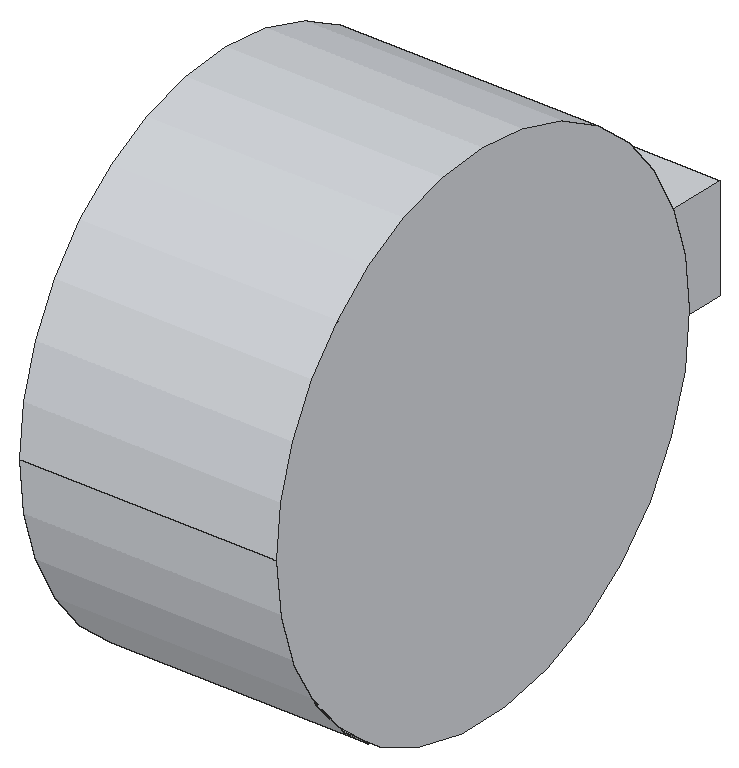
Revit family "M_Abafador de controle - Automático - Redondo", category Acessórios de duto, Revit 2019
Family settings
  Cota do conector redondo = Usar raio
  Tipo de parte = Regulador de fluxo de ar
  Número OmniClass = 23.75.70.11.14.14
  Título OmniClass = Dampers for Air Ductwork
  ID de item do Seek = M_Control Damper - Automatic - Round-0000-USA-ENU
  Com base no plano de trabalho = Não
  Sempre na vertical = Sim
  Corte com vazios quando carregada = Não
  Compartilhado = Não
Parameters (values of type "Padrão")
  Largura 1 = Comprimento 1 * 2 / 3  # 60 mm
  Queda de pressão [instance] = 0.0 Pa
  Comprimento 1 = 0.6 * Comprimento do abafador  # 90 mm
  Raio do duto [instance] = 150 mm
  Material do abafador = none
  Comprimento do abafador = 150 mm
  Diâmetro do duto [instance] = Raio do duto * 2  # 300 mm
Reference planes
  plane 1 "Centro (Frente/Trás)": y = 0
  plane 2: z = 0
  plane 3 "Centro (Esquerda/Direita)": x = 0
  plane 4 "Comprimento do abafador": x = -75
  plane 5: x = 75
  plane 6: y = 150
  plane 7: y = 210
  plane 8: x = -45
  plane 9: x = 45
  plane 10: z = 30
  plane 11: z = -30
Forms (mm)
  Extrusion 1, solid, material <- "Material do abafador", detail levels coarse+medium
    sketch origin (0, 0, 0) x (0, 1, 0) y (0, 0, 1)
      loop
        circle (0, 0) r 150
    from -75 to 75
  Extrusion 2, solid, material <- "Material do abafador"
    sketch origin (0, 0, 0) x (1, 0, 0) y (0, 1, 0)
      loop
        line (-45, 210) -> (-45, 150) -> (45, 150) -> (45, 210) -> (-45, 210)
    from -30 to 30
  Extrusion 3, solid, material <- "Material do abafador"
    sketch origin (0, 0, 0) x (0, 1, 0) y (0, 0, 1)
      loop
        circle (0, 0) r 150
    from -75 to 75
Dimensions and locks
  equal spacing: plane 4 "Comprimento do abafador", plane 3 "Centro (Esquerda/Direita)", plane 5
  "Comprimento do abafador": plane 4 "Comprimento do abafador" to plane 5
  "Raio do duto": plane 6 to plane 1 "Centro (Frente/Trás)"
  "Largura 1": plane 7 to plane 6
  equal spacing: plane 8, plane 3 "Centro (Esquerda/Direita)", plane 9
  "Comprimento 1": plane 8 to plane 9
  equal spacing: plane 11, plane 2, plane 10
  "Largura 1": plane 11 to plane 10
  "Raio do duto": radius of Extrusion 1 sketch curve
  "Raio do duto": radius of Extrusion 3 sketch curve
  aligned and locked: plane 2 to Extrusion 1 sketch curve
  aligned and locked: plane 1 "Centro (Frente/Trás)" to Extrusion 1 sketch curve
  aligned and locked: Extrusion 1 to plane 4 "Comprimento do abafador"
  aligned and locked: plane 5 to Extrusion 1
  aligned and locked: plane 8 to Extrusion 2 sketch curve
  aligned and locked: Extrusion 2 sketch curve to plane 7
  aligned and locked: plane 6 to Extrusion 2 sketch curve
  aligned and locked: Extrusion 2 to plane 11
  aligned and locked: plane 10 to Extrusion 2
  aligned and locked: plane 2 to Extrusion 3 sketch curve
  aligned and locked: plane 1 "Centro (Frente/Trás)" to Extrusion 3 sketch curve
  aligned and locked: Extrusion 3 to plane 4 "Comprimento do abafador"
  aligned and locked: plane 5 to Extrusion 3
Automatic sketch dimensions
  Extrusion 2 sketch curve to plane 9 = 0 mm
Connectors
  hvac at (-75, 0, 0), driven by "Raio do duto", driven by "Queda de pressão"
    settings: on Extrusion 1, index 1, duct flow 0.0 L/s, flow factor 0, pres drop 0.0 Pa, loss coef 0, conn angle 0.00°, conn width 304.8 mm, conn height 304.8 mm, conn diameter 300 mm, duct sys type 29, conn prof type 0, flow config 0, flow direction 0, loss method 4, conn ref index 2, conn util no, is conn primary yes, conn desc ""
  hvac at (75, 0, 0), driven by "Raio do duto"
    settings: on Extrusion 1, index 2, duct flow 0.0 L/s, flow factor 0, pres drop 0.0 Pa, loss coef 0, conn angle 0.00°, conn width 304.8 mm, conn height 304.8 mm, conn diameter 300 mm, duct sys type 29, conn prof type 0, flow config 0, flow direction 0, loss method 4, conn ref index 1, conn util no, is conn primary no, conn desc ""
